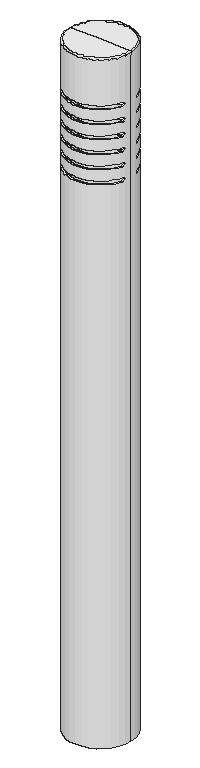
Revit family "NBS_CordekLtd_DschrgeAndVntltngStackTrmntns_GasVentingBollard-026", category Specialty Equipment, Revit 2014
Parameters
  Width = 110.00 mm
  Weight = "7.920 kg"
  WarrantyStartDate [instance] = "1900-12-31T23:59:59"
  WarrantyGuarantorParts = "n/a"
  WarrantyGuarantorLabor = "n/a"
  WarrantyDurationUnit = "year"
  WarrantyDurationParts = "n/a"
  WarrantyDurationLabor = "n/a"
  WarrantyDescription = "n/a"
  Version = "1"  # constant formula
  Uniclass2015Version = "Products v1.1"  # constant formula
  Uniclass2015Reference = "Pr_65_52_61_23"
  Uniclass2015Description = "Discharge and ventilating stack terminations"
  Uniclass2 = "90-62-24/422"
  TagNumber [instance] = "n/a"
  SustainabilityPerformance = "n/a"
  Size = "110 x 110 x 1100 mm"
  Shape = "Circular"
  SerialNumber [instance] = "n/a"
  Revision = "n/a"
  ReplacementCost = "n/a"
  Reference = "n/a"
  ProductInformation = "www.cordek.com/uploads/data_sheets/M-DS16_gas_venting_bollard_data_sheet_v2_cordek.pdf"
  NominalWidth = Width  # 110.00 mm
  NominalLength = Length  # 110.00 mm
  NominalHeight = Height  # 1100.00 mm
  Name = "DischargeAndVentilatingStackTerminations_GasVentingBollard-026_CordekLtd"
  NBSTypeID = "n/a"
  NBSReference = "90-10-60/437"
  NBSOfficeMasterTag = "n/a"
  NBSNote = "n/a"
  NBSDescription = "Discharge and ventilating stack terminations"
  NBSCertification = "http://www.nationalbimlibrary.com/cert/hxyynyox"
  ModelReference = "Gas Venting Bollard - 026"
  ModelNumber = "CGV-026"
  Material = "Stainless steel"
  ManufacturerURL = "www.cordek.com"
  ManufacturerName = "Cordek Ltd"  # constant formula
  Manufacturer = "info@cordek.com"  # constant formula
  Length = 110.00 mm
  InstallationDate [instance] = "1900-12-31T23:59:59"
  IfcExportType = "NOTDEFINED"  # constant formula
  IfcExportAs = "IfcStackTerminalType"  # constant formula
  Height = 1100.00 mm
  Grade = "n/a"
  FreeAirFlow = "25000 mm²"
  Finish = "n/a"
  Features = "Can be positioned at large centres due to high level of free air flow, high quality, robust construction, elevated vent position to avoid potential for water and/or debris ingress"
  ExpectedLife = "n/a"
  DurationUnit = "year"
  Description = "Stainless steel gas venting bollard"
  Constituents = "n/a"
  ConnectionSizes = "n/a"
  ColourOptions = "n/a"
  Color = "Natural"
  CodePerformance = "n/a"
  Category = "Pr_65_52_61_23:Discharge and ventilating stack terminations"
  BollardMaterial = NBS_Concept
  BarCode [instance] = "n/a"
  BIMObjectName = "NBS_CordekLtd_DischargeAndVentilatingStackTerminations_GasVentingBollard-026"
  Author = "NBS"  # constant formula
  AssetType = "Fixed"
  AssetIdentifier [instance] = "n/a"
  Arrangement = "Bollard with vents"
  Accessories = "Horizontal extension sleeve"
  AccessibilityPerformance = "n/a"
Reference planes
  plane 1 "Center (Front/Back)": y = 0
  plane 2: z = 0
  plane 3 "Center (Left/Right)": x = 0
  plane 4 "Top": z = 1100
  plane 5 "Left": x = -55
  plane 6 "Right": x = 55
  plane 7 "Back": y = 55
  plane 8 "Front": y = -55
Forms (mm)
  Revolve 1, solid, material "NBS_Concept" <- "BollardMaterial", detail levels medium+fine
    sketch origin (0, 0, 0) x (1, 0, 0) y (0, 0, 1)
      loop
        line (0, 1100) -> (-53, 1100)
        arc (-53, 1100) -> (-54.414, 1099.414) -> (-55, 1098) r 2
        line (-55, 1098) -> (-55, 0) -> (-52, 0) -> (-52, 1025) -> (0, 1025) -> (0, 1100)
      axis (0, 1100) -> (0, 0)
    angle from 0 to 360
  Extrusion 2, void
    sketch origin (0, 0, 0) x (0, 1, 0) y (0, 0, 1)
      loop
        line (60, 1025) -> (14.713, 1025)
        arc (14.713, 1025) -> (11.212, 1021.499) -> (14.713, 1017.998) r 3.501
        line (14.713, 1017.998) -> (60, 1017.998) -> (60, 1025)
      loop
        line (60, 1000.997) -> (14.713, 1000.997)
        arc (14.713, 1000.997) -> (11.212, 997.496) -> (14.713, 993.995) r 3.501
        line (14.713, 993.995) -> (60, 993.995) -> (60, 1000.997)
      loop
        line (60, 976.994) -> (14.713, 976.994)
        arc (14.713, 976.994) -> (11.212, 973.493) -> (14.713, 969.992) r 3.501
        line (14.713, 969.992) -> (60, 969.992) -> (60, 976.994)
      loop
        line (60, 952.991) -> (14.713, 952.991)
        arc (14.713, 952.991) -> (11.212, 949.49) -> (14.713, 945.989) r 3.501
        line (14.713, 945.989) -> (60, 945.989) -> (60, 952.991)
      loop
        line (60, 928.988) -> (14.713, 928.988)
        arc (14.713, 928.988) -> (11.212, 925.487) -> (14.713, 921.986) r 3.501
        line (14.713, 921.986) -> (60, 921.986) -> (60, 928.988)
      loop
        line (60, 904.985) -> (14.713, 904.985)
        arc (14.713, 904.985) -> (11.212, 901.484) -> (14.713, 897.983) r 3.501
        line (14.713, 897.983) -> (60, 897.983) -> (60, 904.985)
      loop
        line (-60, 1025) -> (-60, 1017.998) -> (-14.713, 1017.998)
        arc (-14.713, 1017.998) -> (-11.212, 1021.499) -> (-14.713, 1025) r 3.501
        line (-14.713, 1025) -> (-60, 1025)
      loop
        line (-60, 1000.997) -> (-60, 993.995) -> (-14.713, 993.995)
        arc (-14.713, 993.995) -> (-11.212, 997.496) -> (-14.713, 1000.997) r 3.501
        line (-14.713, 1000.997) -> (-60, 1000.997)
      loop
        line (-60, 976.994) -> (-60, 969.992) -> (-14.713, 969.992)
        arc (-14.713, 969.992) -> (-11.212, 973.493) -> (-14.713, 976.994) r 3.501
        line (-14.713, 976.994) -> (-60, 976.994)
      loop
        line (-60, 952.991) -> (-60, 945.989) -> (-14.713, 945.989)
        arc (-14.713, 945.989) -> (-11.212, 949.49) -> (-14.713, 952.991) r 3.501
        line (-14.713, 952.991) -> (-60, 952.991)
      loop
        line (-60, 928.988) -> (-60, 921.986) -> (-14.713, 921.986)
        arc (-14.713, 921.986) -> (-11.212, 925.487) -> (-14.713, 928.988) r 3.501
        line (-14.713, 928.988) -> (-60, 928.988)
      loop
        line (-60, 904.985) -> (-60, 897.983) -> (-14.713, 897.983)
        arc (-14.713, 897.983) -> (-11.212, 901.484) -> (-14.713, 904.985) r 3.501
        line (-14.713, 904.985) -> (-60, 904.985)
    from -65 to 65
  Revolve 3, solid, material "NBS_Concept" <- "BollardMaterial", detail levels coarse
    sketch origin (0, 0, 0) x (1, 0, 0) y (0, 0, 1)
      loop
        line (0, 1100) -> (-55, 1100) -> (-55, 0) -> (-52, 0) -> (-52, 1025) -> (0, 1025) -> (0, 1100)
      axis (0, 0) -> (0, 1100)
    angle from 0 to 360
  Extrusion 4, void
    sketch origin (0, 0, 0) x (0, 1, 0) y (0, 0, 1)
      loop
        line (60, 1025) -> (14.713, 1025)
        arc (14.713, 1025) -> (12.238, 1023.975) -> (11.212, 1021.499) r 3.501
        line (11.212, 1021.499) -> (11.212, 901.484)
        arc (11.212, 901.484) -> (12.238, 899.009) -> (14.713, 897.983) r 3.501
        line (14.713, 897.983) -> (60, 897.983) -> (60, 1025)
      loop
        line (-60, 1025) -> (-60, 897.983) -> (-14.713, 897.983)
        arc (-14.713, 897.983) -> (-12.238, 899.009) -> (-11.212, 901.484) r 3.501
        line (-11.212, 901.484) -> (-11.212, 1021.499)
        arc (-11.212, 1021.499) -> (-12.238, 1023.975) -> (-14.713, 1025) r 3.501
        line (-14.713, 1025) -> (-60, 1025)
    from -65 to 65.388
Cuts and joins
  Extrusion 2 cuts Revolve 1
  Extrusion 4 cuts Revolve 3
Dimensions and locks
  "Height": plane 4 "Top" to level
  equal spacing: plane 7 "Back", plane 1 "Center (Front/Back)", plane 8 "Front"
  "Width": plane 7 "Back" to plane 8 "Front"
  equal spacing: plane 5 "Left", plane 3 "Center (Left/Right)", plane 6 "Right"
  "Length": plane 5 "Left" to plane 6 "Right"
  aligned and locked: level to plane 2
  aligned and locked: Revolve 1 sketch curve to plane 3 "Center (Left/Right)"  (x2)
  aligned and locked: plane 4 "Top" to Revolve 1 sketch curve
  aligned and locked: level to Revolve 1 sketch curve
  aligned and locked: Revolve 3 sketch curve to plane 4 "Top"
  aligned and locked: plane 5 "Left" to Revolve 3 sketch curve
  aligned and locked: Revolve 3 sketch curve to level
  aligned and locked: plane 3 "Center (Left/Right)" to Revolve 3 sketch curve
Automatic sketch dimensions
  plane 1 "Center (Front/Back)" to Extrusion 2 sketch curve = 60.00 mm  (x2)
  Extrusion 2 sketch curve to Extrusion 2 sketch curve = 0.00 mm  (x9)
  plane 1 "Center (Front/Back)" to Extrusion 2 sketch curve = 14.713 mm  (x6)
  Extrusion 2 sketch curve to plane 1 "Center (Front/Back)" = 14.713 mm  (x6)
  Extrusion 2 sketch curve to Extrusion 2 sketch curve = 45.287 mm  (x2)
  plane 4 "Top" to Extrusion 2 sketch curve = 202.017 mm
  Extrusion 2 sketch curve to Extrusion 2 sketch curve = 3.501 mm  (x12)
  Extrusion 2 sketch curve to Extrusion 2 sketch curve = 17.002 mm  (x10)
  Extrusion 4 sketch curve to plane 8 "Front" = 5.00 mm
  plane 1 "Center (Front/Back)" to Extrusion 4 sketch curve = 14.713 mm  (x2)
  Extrusion 4 sketch curve to Extrusion 4 sketch curve = 3.501 mm  (x4)
  Extrusion 4 sketch curve to plane 1 "Center (Front/Back)" = 11.212 mm
  Extrusion 4 sketch curve to plane 7 "Back" = 5.00 mm
  plane 4 "Top" to Extrusion 4 sketch curve = 202.017 mm
  plane 4 "Top" to Extrusion 4 sketch curve = 78.501 mm
  Extrusion 4 sketch curve to Extrusion 4 sketch curve = 0.00 mm
  Revolve 3 sketch curve to plane 3 "Center (Left/Right)" = 0.00 mm
  plane 4 "Top" to Revolve 3 sketch curve = 75.00 mm
  Revolve 3 sketch curve to plane 5 "Left" = 3.00 mm
  level to Revolve 3 sketch curve = 110.00 mm
  plane 5 "Left" to Revolve 1 sketch curve = 0.00 mm
  Revolve 1 sketch curve to plane 5 "Left" = 2.00 mm
  Revolve 1 sketch curve to plane 5 "Left" = 3.00 mm
  Revolve 1 sketch curve to Revolve 1 sketch curve = 73.00 mm
  Revolve 1 sketch curve to Revolve 1 sketch curve = 245.00 mm
  Revolve 1 sketch curve to Revolve 1 sketch curve = 15.00 mm
  Revolve 3 sketch curve to Revolve 3 sketch curve = 265.00 mm
Connectors
  piping at (0, 0, 0), diameter 110
    settings: on cut or joined group of Revolve 1, Extrusion 2, index 1, connector inside diameter 609.6 mm, connector length 0.00 mm, flow factor 0, pipe flow 0.0 L/s, pressure drop 0.0 Pa, fitting loss kfactor 0, connector angle 0.00°, fixture units 0, engagement length 0.00 mm, angle of deflection 0.00°, flow configuration 0, flow direction 1, fitting loss method 0, system type 17, joint type 0, gender type 0, connector reference index -1, connector utility 0, adjustable connector no, is connector primary yes, connector description ""
